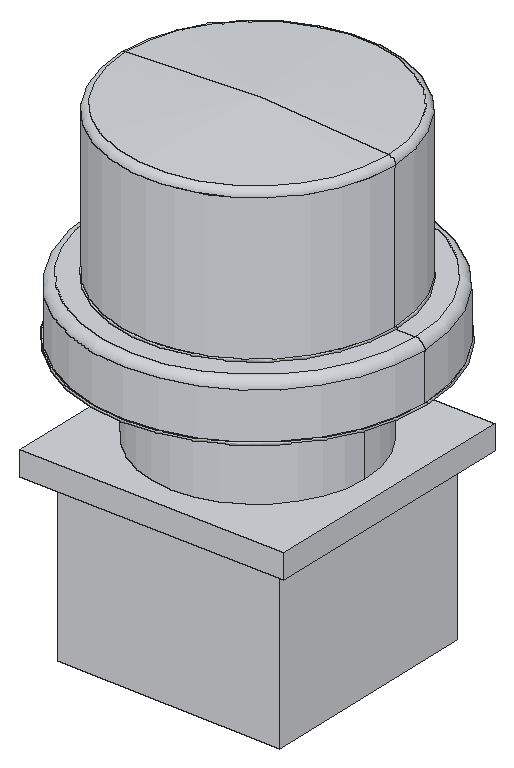
Revit family "EF-4", category Mechanical Equipment, host Face, Revit 2025
Family settings
  Host = Face
  Round Connector Dimension = Use Diameter
  Classification = None
  Part Type = Normal
  Cut with Voids When Loaded = No
  Maintain Annotation Orientation = No
  Shared = No
  Room Calculation Point = No
Parameters (values of type "G-099-VG4X-QD")
  X = 19"
  URL = "file:///C:/Users/User/Downloads/GreenheckShop_ProductCutSheet_G-099-4VG119XQD_20250812080105.pdf"
  Model = "G-099-VG4X-QD"
  Manufacturer = "GREENHECK"
  Default Elevation = 48"
Reference planes (in)
  plane 1 "Center (Front/Back)": y = 0
  plane 2: z = 0
  plane 3 "Center (Left/Right)": x = 0
Forms (in)
  Revolve 1, solid
    sketch origin (0, 0, 0) x (1, 0, 0) y (0, 0, 1)
      loop
        line (0, 1.75) -> (7.75, 1.75) -> (7.75, 8.06963) -> (12.15231, 8.06963)
        arc (12.15231, 8.06963) -> (12.21484, 8.13467) -> (12.15063, 8.19805) r 0.06422
        line (12.15063, 8.19805) -> (12.0625, 8.19805) -> (12.0625, 11.54996)
        arc (12.0625, 11.54996) -> (11.87594, 12.00037) -> (11.42553, 12.18694) r 0.63697
        line (11.42553, 12.18694) -> (9.9375, 12.18694)
        arc (9.9375, 12.18694) -> (10.02092, 12.27036) -> (9.9375, 12.35378) r 0.08342
        line (9.9375, 12.35378) -> (9.9375, 22.75472)
        arc (9.9375, 22.75472) -> (9.80019, 23.09889) -> (9.46367, 23.25403) r 0.5
        line (9.46367, 23.25403) -> (0, 23.75) -> (0, 1.75)
      axis (0, 23.75) -> (0, 1.75)
    angle from 0 to 360
  Extrusion 2, solid
    sketch origin (0, 0, 0) x (1, 0, 0) y (0, 1, 0)
      loop
        line (-9.5, 9.5) -> (-9.5, -9.5) -> (9.5, -9.5) -> (9.5, 9.5) -> (-9.5, 9.5)
    from 0 to 1.75
  Extrusion 3, solid
    sketch origin (0, 0, 0) x (1, 0, 0) y (0, 1, 0)
      loop
        line (-8, 8) -> (-8, -8) -> (8, -8) -> (8, 8) -> (-8, 8)
    from 0 to -12.03309
Dimensions and locks (in)
  equal spacing: Extrusion 2 sketch curve, plane 3 "Center (Left/Right)", Extrusion 2 sketch curve
  equal spacing: Extrusion 2 sketch curve, plane 1 "Center (Front/Back)", Extrusion 2 sketch curve
  "X": Extrusion 2 sketch curve to Extrusion 2 sketch curve  (x2)
  equal spacing: Extrusion 3 sketch curve, plane 3 "Center (Left/Right)", Extrusion 3 sketch curve
  equal spacing: Extrusion 3 sketch curve, plane 1 "Center (Front/Back)", Extrusion 3 sketch curve
  Extrusion 3 sketch curve to Extrusion 2 = 1 1/2"  (x2)
  aligned and locked: plane 2 to host face
  aligned and locked: level to host face
Automatic sketch dimensions
  host sketch curve to host sketch curve = 96"  (x2)
  Revolve 1 sketch curve to plane 3 "Center (Left/Right)" = 0"  (x2)
  level to Revolve 1 sketch curve = 1 3/4"
  plane 3 "Center (Left/Right)" to Revolve 1 sketch curve = 7 3/4"
  plane 3 "Center (Left/Right)" to Revolve 1 sketch curve = 9 7/16"
  Revolve 1 sketch curve to Revolve 1 sketch curve = 0.02617"
  Revolve 1 sketch curve to Revolve 1 sketch curve = 1/2"
  Revolve 1 sketch curve to Revolve 1 sketch curve = 1.48803"
  Revolve 1 sketch curve to Revolve 1 sketch curve = 0.63697"
  Revolve 1 sketch curve to Revolve 1 sketch curve = 0.08813"
  Revolve 1 sketch curve to Revolve 1 sketch curve = 0.00168"
  Revolve 1 sketch curve to Revolve 1 sketch curve = 6.31963"
  Revolve 1 sketch curve to Revolve 1 sketch curve = 0.0642"
  Revolve 1 sketch curve to Revolve 1 sketch curve = 3.35191"
  Revolve 1 sketch curve to Revolve 1 sketch curve = 0.08342"
  Revolve 1 sketch curve to Revolve 1 sketch curve = 10.40094"
  Revolve 1 sketch curve to Revolve 1 sketch curve = 0.49597"
  Revolve 1 sketch curve to Revolve 1 sketch curve = 2.06963"
  Revolve 1 sketch curve to Revolve 1 sketch curve = 1 3/4"
